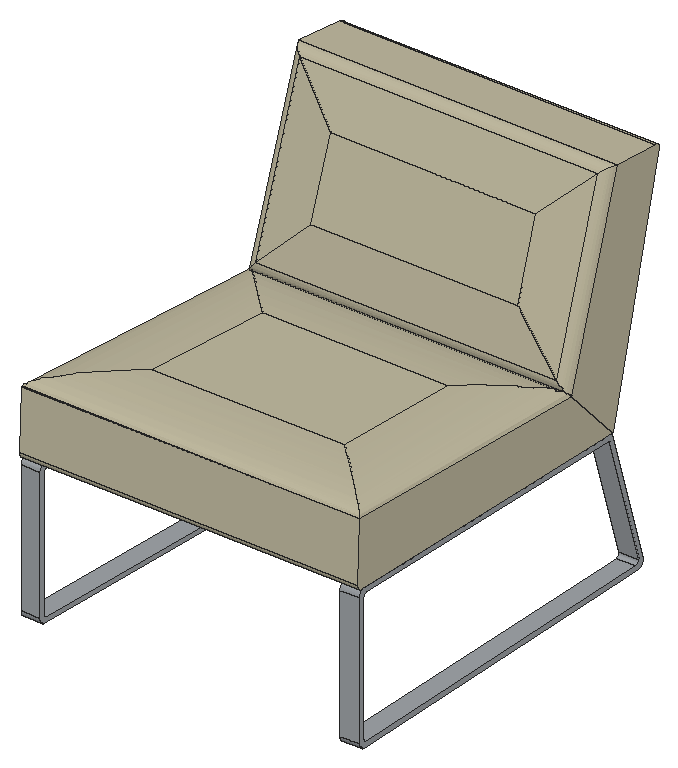
Revit family
Parameters
  URL = "http://www.martinbrattrud.com"
  SCS Certified Product = "Yes"
  Model = "Serif 530-03"
  Manufacturer = "Martin Brattrud, Inc."
  Keynote = "125000"
  Copyright = "© 2013 Martin Brattrud, Inc."
  Chair [instance] = none
  Arms [instance] = none
  Authoring Version = "Revit Architecture 2010"
  Assembly Code = "E2020200"
Reference planes (in)
  plane 1 "Center Front/Back": y = 0
  plane 2: z = 0
  plane 3 "Center Left/Right": x = 0
Forms (in)
  Extrusion 1, solid, material <- "Arms"
    sketch origin (12.83179, -0.06324, 0) x (0.029169, -0.999575, 0) y (0, 0, -1)
      loop
        line (-10.91762, -10.76917) -> (13.88539, -11.24023)
        arc (13.88539, -11.24023) -> (14.24507, -11.09722) -> (14.39489, -10.74032) r 0.5
        line (14.39489, -10.74032) -> (14.39489, -0.5)
        arc (14.39489, -0.5) -> (14.24844, -0.14645) -> (13.89489, 0) r 0.5
        line (13.89489, 0) -> (-13.89489, 0)
        arc (-13.89489, 0) -> (-14.29682, -0.20259) -> (-14.37304, -0.64619) r 0.5
        line (-14.37304, -0.64619) -> (-11.38628, -10.41544)
        arc (-11.38628, -10.41544) -> (-11.20934, -10.66835) -> (-10.91762, -10.76917) r 0.5
      loop
        arc (-11.05526, -10.21556) -> (-10.9668, -10.342) -> (-10.82096, -10.39242) r 0.25
        line (-10.82096, -10.39242) -> (13.7651, -10.86297)
        arc (13.7651, -10.86297) -> (13.94496, -10.79148) -> (14.01989, -10.61302) r 0.25
        line (14.01989, -10.61302) -> (14.01989, -0.625)
        arc (14.01989, -0.625) -> (13.94666, -0.44822) -> (13.76989, -0.375) r 0.25
        line (13.76989, -0.375) -> (-13.72596, -0.375)
        arc (-13.72596, -0.375) -> (-13.92692, -0.47629) -> (-13.96504, -0.69809) r 0.25
        line (-13.96504, -0.69809) -> (-11.05526, -10.21556)
    from 0 to -1.5
  Extrusion 2, void
    sketch origin (0, 0, 0) x (1, 0, 0) y (0, 1, 0)
      loop
        line (-12.33596, 16.92826) -> (-16, 16.92826) -> (-16, -15.85639) -> (-13.29265, -15.85639) -> (-12.33596, 16.92826)
      loop
        line (16, 16.92826) -> (12.33596, 16.92826) -> (13.29265, -15.85639) -> (16, -15.85639) -> (16, 16.92826)
    from 9.22769 to 30.36981
  Extrusion 3, solid, material <- "Arms"
    sketch origin (0, 0, 0) x (0, 1, 0) y (0, 0, 1)
      loop
        line (8.33058, 10.8183) -> (6.83085, 10.84679) -> (6.82361, 10.46849) -> (8.32333, 10.43978) -> (8.33058, 10.8183)
      loop
        line (-9.8957, 11.16446) -> (-11.39543, 11.19294) -> (-11.40261, 10.81747) -> (-9.90289, 10.78876) -> (-9.8957, 11.16446)
    from -12.15201 to 12.25
  Sweep 4, solid, material <- "Chair"
    path in 3D
      loop
        line (-12.48522, 11.81326, 29.36315) -> (-12.62154, 7.1417, 15.15946) -> (12.62154, 7.1417, 15.15946) -> (12.48522, 11.81326, 29.36315) -> (-12.48522, 11.81326, 29.36315)
    profile origin (0, 11.81326, 29.36315) x (0, 0.312433, 0.94994) y (0, 0.94994, -0.312433)
      loop
        line (-0.03213, 0) -> (-4.494, 0) -> (-4.494, -1.13082)
        arc (-4.494, -1.13082) -> (-2.64167, -1.03773) -> (-0.80801, -0.7594) r 18.47556
        arc (-0.80801, -0.7594) -> (-0.30805, -0.49416) -> (-0.03213, 0) r 1
  Extrusion 5, solid, material <- "Chair"
    sketch origin (0, 1.73815, -0.57167) x (0, -0.312433, -0.94994) y (-1, 0, 0)
      loop
        line (-27.09008, 8.032) -> (-27.09008, -8.032) -> (-21.12588, -8.08638) -> (-21.12588, 8.08638) -> (-27.09008, 8.032)
    from -0.9127 to 0.21812
  Extrusion 6, solid, material <- "Chair"
    sketch origin (0, 0, 0) x (0, 1, 0) y (0, 0, 1)
      loop
        line (15.6877, 29.02419) -> (11.81326, 29.36315) -> (7.1417, 15.15946) -> (11.33004, 10.76134) -> (15.94697, 28.65756)
        arc (15.94697, 28.65756) -> (15.90229, 28.90095) -> (15.6877, 29.02419) r 0.29424
    from -13.28125 to 13.28125
  Extrusion 7, solid, material <- "Chair"
    sketch origin (0, 0, 0) x (0, 1, 0) y (0, 0, 1)
      loop
        line (11.33004, 10.76134) -> (7.1417, 15.15946) -> (-14.39489, 16.25041) -> (-14.59173, 11.63759)
        arc (-14.59173, 11.63759) -> (-14.49028, 11.36473) -> (-14.22419, 11.24667) r 0.375
        line (-14.22419, 11.24667) -> (11.33004, 10.76134)
    from -14 to 14
  Sweep 8, solid, material <- "Chair"
    path in 3D
      loop
        line (-13.25, -14.39489, 16.25041) -> (-12.62154, 7.1417, 15.15946) -> (12.62154, 7.1417, 15.15946) -> (13.25, -14.39489, 16.25041) -> (-13.25, -14.39489, 16.25041)
    profile origin (0, -14.39489, 16.25041) x (0, -0.042634, -0.999091) y (0, -0.999091, 0.042634)
      loop
        spline (0.00025, -0.03124) -> (-0.13005, -0.07829) -> (-0.25739, -0.21883) -> (-0.37959, -0.45044) -> (-0.49456, -0.76916) -> (-0.60031, -1.16953) -> (-0.69505, -1.64466) -> (-0.77714, -2.18643) -> (-0.84518, -2.78555) -> (-0.898, -3.43173) -> (-0.9347, -4.11391) -> (-0.95464, -4.82038) -> (-0.95749, -5.53904)
        line (-0.95749, -5.53904) -> (-0.92164, -10.0389) -> (0.07991, -10.03092) -> (0.00025, -0.03124)
  Extrusion 9, solid, material <- "Chair"
    sketch origin (0, 0.78423, 15.4815) x (0, 0.998719, -0.050591) y (-1, 0, 0)
      loop
        line (-3.66562, 2.87839) -> (-5.16734, 2.92216) -> (-5.16734, -2.92216) -> (-3.66562, -2.87839) -> (-3.66562, 2.87839)
    from 0 to 1.00158
  Extrusion 10, solid, material <- "Arms"
    sketch origin (-12.83179, -0.06324, 0) x (-0.029169, -0.999575, 0) y (0, 0, 1)
      loop
        arc (-10.91762, 10.76917) -> (-11.20934, 10.66835) -> (-11.38628, 10.41544) r 0.5
        line (-11.38628, 10.41544) -> (-14.37304, 0.64619)
        arc (-14.37304, 0.64619) -> (-14.29682, 0.20259) -> (-13.89489, 0) r 0.5
        line (-13.89489, 0) -> (13.89489, 0)
        arc (13.89489, 0) -> (14.24844, 0.14645) -> (14.39489, 0.5) r 0.5
        line (14.39489, 0.5) -> (14.39489, 10.74032)
        arc (14.39489, 10.74032) -> (14.24507, 11.09722) -> (13.88539, 11.24023) r 0.5
        line (13.88539, 11.24023) -> (-10.91762, 10.76917)
      loop
        line (-11.05526, 10.21556) -> (-13.96504, 0.69809)
        arc (-13.96504, 0.69809) -> (-13.92692, 0.47629) -> (-13.72596, 0.375) r 0.25
        line (-13.72596, 0.375) -> (13.76989, 0.375)
        arc (13.76989, 0.375) -> (13.94666, 0.44822) -> (14.01989, 0.625) r 0.25
        line (14.01989, 0.625) -> (14.01989, 10.61302)
        arc (14.01989, 10.61302) -> (13.94496, 10.79148) -> (13.7651, 10.86297) r 0.25
        line (13.7651, 10.86297) -> (-10.82096, 10.39242)
        arc (-10.82096, 10.39242) -> (-10.9668, 10.342) -> (-11.05526, 10.21556) r 0.25
    from 0 to -1.5
Cuts and joins
  Extrusion 2 cuts Sweep 4
  Extrusion 2 cuts Extrusion 5
  joined: Sweep 4, Extrusion 5
  Extrusion 2 cuts Extrusion 6
  Extrusion 2 cuts Extrusion 7
  Extrusion 2 cuts Sweep 8
  Extrusion 2 cuts Extrusion 9
  joined: Sweep 8, Extrusion 9
  joined: Extrusion 1, Extrusion 3, Extrusion 10
Lines and regions (in)
  sketch lines
    curve 1: line (12.48522, 11.81326, 29.36315) -> (-12.48522, 11.81326, 29.36315)
    curve 2: line (-12.48522, 11.81326, 29.36315) -> (-12.62154, 7.1417, 15.15946)
    curve 3: line (-12.62154, 7.1417, 15.15946) -> (12.62154, 7.1417, 15.15946)
    curve 4: line (12.62154, 7.1417, 15.15946) -> (12.48522, 11.81326, 29.36315)
    curve 5: line (13.25, -14.39489, 16.25041) -> (-13.25, -14.39489, 16.25041)
    curve 6: line (13.25, -14.39489, 16.25041) -> (12.62154, 7.1417, 15.15946)
    curve 7: line (12.62154, 7.1417, 15.15946) -> (-12.62154, 7.1417, 15.15946)
    curve 8: line (-12.62154, 7.1417, 15.15946) -> (-13.25, -14.39489, 16.25041)
